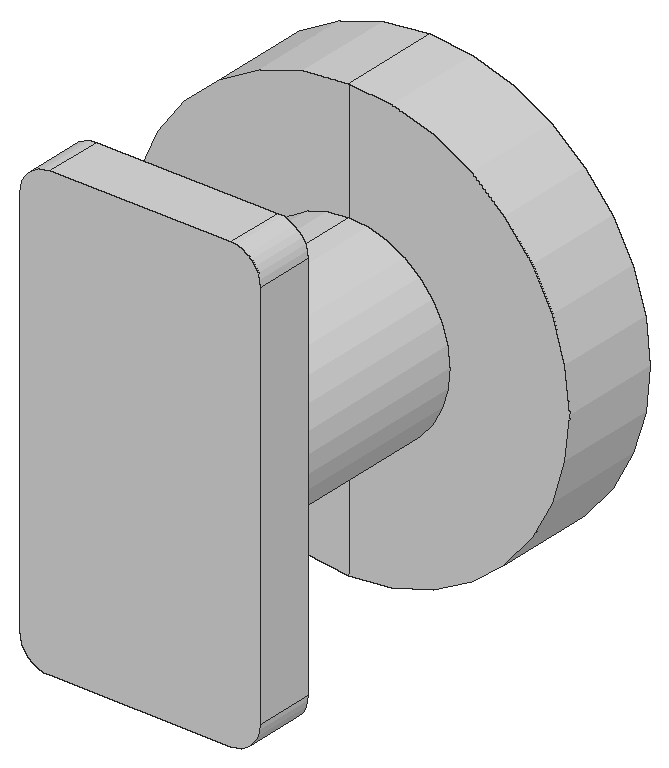
Revit family "Reece_Accessory_Milli_Marle Edit_Robe Hook", category Plumbing Fixtures, host Face, Revit 2018
Family settings
  Host = Face
  Round Connector Dimension = Use Diameter
  Part Type = Normal
  Cut with Voids When Loaded = Yes
  Shared = Yes
  Room Calculation Point = Yes
Parameters (values of type "Chrome")
  URL = "https://www.reece.com.au/product/-9511270"
  Type Comments = "Accessory"
  Reece_Product_Web Page = "https://www.reece.com.au/product/-9511270"
  Reece_Product_Type = "Accessory"  # constant formula
  Reece_Product_Sub Brand = "Marle Edit"  # constant formula
  Reece_Product_Number = "9511270"
  Reece_Product_Mount = "Wall Mounted"
  Reece_Product_Description = "Milli Marle Edit Robe Hook Chrome"
  Reece_Product_Brand = "Milli"  # constant formula
  Reece_Overall_Width = 24 mm  # constant formula
  Reece_Overall_Projection = 36 mm  # constant formula
  Reece_Overall_Height = 45 mm  # constant formula
  Reece_Material_Main = Reece_Brass_Chrome
  Reece_Height_From_Level = 1000 mm
  Reece_Detail_Shape = ""
  Reece_Detail_Installation = ""
  Reece_Detail_Disclaimer = "THIS FILE IS THE PROPERTY OF THE REECE GROUP. IT MAY NOT BE REPRODUCED, REVERSE-ENGINEERED OR MODIFIED. ANY REPUBLICATION, TRANSMISSION OR DISTRIBUTION FOR THE PURPOSE OF COMMERCIALLY EXPLOITING THE FILES IS PROHIBITED."  # constant formula
  Reece_Detail_Connector = ""
  Reece_Detail_Additional = "Robe Hook"  # constant formula
  Model = "Marle Edit"
  Manufacturer = "Milli"
  Keynote = "Product #9511270, Reece_Accessory_Milli_Marle Edit_Robe Hook - Chrome"
  Disclaimer = "THIS FILE IS THE PROPERTY OF THE REECE GROUP. IT MAY NOT BE REPRODUCED, REVERSE-ENGINEERED OR MODIFIED. ANY REPUBLICATION, TRANSMISSION OR DISTRIBUTION FOR THE PURPOSE OF COMMERCIALLY EXPLOITING THE FILES IS PROHIBITED."  # constant formula
  Description = "Milli Marle Edit Robe Hook Chrome"
  Default Elevation = 0 mm
Types (6, lengths in mm): name | URL | Reece_Product_Web Page | Reece_Product_Number | Reece_Product_Description | Reece_Material_Main | Keynote | Description
  (no name) | "https://www.reece.com.au/product/-9510628" | "https://www.reece.com.au/product/-9510628" | "9510628" | "Milli Marle Edit Robe Hook Brushed Gold" | Reece_Brass_Brushed Gold | "Product #9510628, Reece_Accessory_Milli_Marle Edit_Robe Hook -  " | "Milli Marle Edit Robe Hook Brushed Gold"
  Brushed Gold | "https://www.reece.com.au/product/-9510628" | "https://www.reece.com.au/product/-9510628" | "9510628" | "Milli Marle Edit Robe Hook Brushed Gold" | Reece_Brass_Brushed Gold | "Product #9510628, Reece_Accessory_Milli_Marle Edit_Robe Hook - Brushed Gold" | "Milli Marle Edit Robe Hook Brushed Gold"
  Brushed Gunmetal | "https://www.reece.com.au/product/-9510637" | "https://www.reece.com.au/product/-9510637" | "9510637" | "Milli Marle Edit Robe Hook Brushed Gunmetal" | Reece_Brass_Brushed Gunmetal | "Product #9510637, Reece_Accessory_Milli_Marle Edit_Robe Hook - Brushed Gunmetal" | "Milli Marle Edit Robe Hook Brushed Gunmetal"
  Brushed Nickel | "https://www.reece.com.au/product/-9510542" | "https://www.reece.com.au/product/-9510542" | "9510542" | "Milli Marle Edit Robe Hook Brushed Nickel" | Reece_Brass_Brushed Nickel | "Product #9510542, Reece_Accessory_Milli_Marle Edit_Robe Hook - Brushed Nickel" | "Milli Marle Edit Robe Hook Brushed Nickel"
  Chrome | "https://www.reece.com.au/product/-9511270" | "https://www.reece.com.au/product/-9511270" | "9511270" | "Milli Marle Edit Robe Hook Chrome" | Reece_Brass_Chrome | "Product #9511270, Reece_Accessory_Milli_Marle Edit_Robe Hook - Chrome" | "Milli Marle Edit Robe Hook Chrome"
  Matte Black | "https://www.reece.com.au/product/-9511278" | "https://www.reece.com.au/product/-9511278" | "9511278" | "Milli Marle Edit Robe Hook Matte Black" | Reece_Brass_Matte Black | "Product #9511278, Reece_Accessory_Milli_Marle Edit_Robe Hook - Matte Black" | "Milli Marle Edit Robe Hook Matte Black"
Reference planes
  plane 1 "Center (Front/Back)": y = 0
  plane 2 "Bottom Host Plane": z = -5
  plane 3 "Center (Left/Right)": x = 0
  plane 4: z = 1000
  plane 5: y = -36
  plane 6: y = -10
  plane 7: x = -21.958
  plane 8: x = 21.958
  plane 9: x = -12
  plane 10: x = 12
  plane 11: z = 1022.37
  plane 12: z = 977.37
Forms (mm)
  Revolve 1, solid, material "Reece_Brass_Chrome" <- "Reece_Material_Main"
    sketch origin (0, 0, 0) x (0, 1, 0) y (0, 0, 1)
      loop
        line (0, 1021.958) -> (-10, 1021.958) -> (-10, 1010) -> (-30.158, 1010) -> (-30.158, 1000) -> (0, 1000) -> (0, 1021.958)
      axis (0, 1000) -> (-30.158, 1000)
    angle from 0 to 360
  Extrusion 2, solid, material "Reece_Brass_Chrome" <- "Reece_Material_Main"
    sketch origin (0, -30.158, 1000) x (0, 0, 1) y (-1, 0, 0)
      loop
        line (19.37, 12) -> (-19.67, 12)
        arc (-19.67, 12) -> (-21.759, 11.135) -> (-22.624, 9.046) r 2.954
        line (-22.624, 9.046) -> (-22.624, -9.016)
        arc (-22.624, -9.016) -> (-21.75, -11.126) -> (-19.64, -12) r 2.984
        line (-19.64, -12) -> (19.37, -12)
        arc (19.37, -12) -> (21.492, -11.121) -> (22.37, -9) r 3
        line (22.37, -9) -> (22.37, 9)
        arc (22.37, 9) -> (21.492, 11.121) -> (19.37, 12) r 3
    from 0 to 5.842
Cuts and joins
  joined: Revolve 1, Extrusion 2
Lines and regions (mm)
  model lines, style "InvisibleLines"
    curve 1: line (0, 0, 1000) -> (0, 0, -5)
Text (mm)
  text "Reece ©" at (2422.102, -2258.865, 3335.845), in view "Reece Preview"
  text "Reece Copyright © 2018, Reece Ltd." at (47.786, -82.439, 0), in view "Ref. Level"
Dimensions and locks
  locked: level to plane 2 "Bottom Host Plane" at 5
  plane 6 to plane 1 "Center (Front/Back)" = 10 mm
  plane 7 to plane 8 = 43.916 mm  (x2)
  plane 5 to plane 1 "Center (Front/Back)" = 36 mm
  plane 8 to plane 7 = 43.916 mm
  plane 4 to level = 1000 mm
  Revolve 1 sketch curve to Revolve 1 sketch curve to plane 4 to Revolve 1 sketch curve = 11.958 mm locked, 10 mm locked, 0 mm locked
  "Reece_Overall_Projection": plane 5 to plane 1 "Center (Front/Back)"
  "Reece_Height_From_Level": plane 4 to level
  "Reece_Overall_Width": plane 9 to plane 10
  "Reece_Overall_Height": plane 11 to plane 12
  plane 9 to plane 10 = 24 mm
  aligned and locked: Revolve 1 sketch curve to plane 4
  aligned and locked: plane 4 to curve 1
  aligned and locked: plane 2 "Bottom Host Plane" to curve 1
  aligned and locked: curve 1 to plane 3 "Center (Left/Right)"
Automatic sketch dimensions
  Revolve 1 sketch curve to plane 6 = 0 mm
  Revolve 1 sketch curve to plane 1 "Center (Front/Back)" = 0 mm
  Revolve 1 sketch curve to plane 5 = 5.842 mm
  plane 5 to Revolve 1 sketch curve = 16.293 mm
  Revolve 1 sketch curve to plane 1 "Center (Front/Back)" = 15.637 mm
  Revolve 1 to Extrusion 2 sketch curve = 9.016 mm
  Extrusion 2 sketch curve to Extrusion 2 sketch curve = 2.954 mm
  Extrusion 2 sketch curve to Extrusion 2 sketch curve = 2.984 mm
  Extrusion 2 sketch curve to Extrusion 2 sketch curve = 39.011 mm
  Extrusion 2 sketch curve to Revolve 1 = 12 mm
  Extrusion 2 sketch curve to Extrusion 2 sketch curve = 0 mm
  Extrusion 2 sketch curve to Extrusion 2 sketch curve = 3 mm
